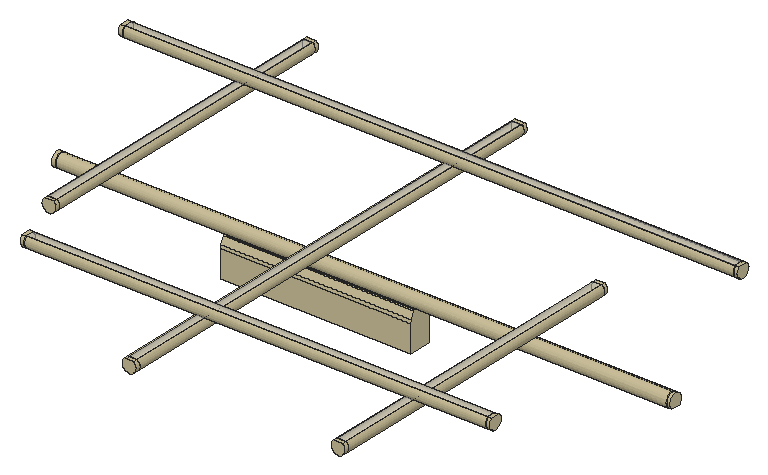
Revit family "PANZERI_HILOW_CEILING_LIGHT", category Lighting Fixtures, host Face, Revit 2018
Family settings
  Host = Face
  Round Connector Dimension = Use Diameter
  Part Type = Normal
  OmniClass Number = 23.80.70.00
  OmniClass Title = Lighting
  Cut with Voids When Loaded = No
  Light Source = Yes
  Shared = No
  Room Calculation Point = Yes
Parameters (values of type "Single_OpalScreen_MatBrass")
  Wattage = 30.9811 W
  WIDTH = 1130 mm  # constant formula
  WEIGHT = if(SINGLE INSTALLATION, 2.97 kg, 2.15 kg)  # 2.97 kg
  WATTAGE = if(SINGLE INSTALLATION, 78 W, 72 W)  # 78 W
  built-in parameter 1150110 = 1 (stored number, unit not read)
  VOLTAGE = 0 V
  USAGE = "INDOOR - CEILING"  # constant formula
  URL = "https://panzeri.it/en/"
  Type Comments = if(SINGLE INSTALLATION, "Direct and indirect light emission. For single installations.", "Direct and indirect light emission. For compositions")  # "Direct and indirect light emission. For single installations."
  built-in parameter 1114217 = 1 (stored number, unit not read)
  Tilt Angle = -90.00°  # constant formula
  built-in parameter 1150109 = 1 (stored number, unit not read)
  built-in parameter 1150134 = (empty or 0)
  TECHNICAL SHEET = "https://panzeri.it/en/products/product-family/design/indoor/hilow/147/"
  built-in parameter 1150113 = 1 (stored number, unit not read)
  STRUCTURE MATERIAL = PANZERI_ALUMINIUM_POLYACRYLIC_PAINT_MAT_BRASS_19
  SINGLE INSTALLATION = not(COMPOSITIONS)  # yes
  Photometric Web File = "Hilow opal ceiling P028__.115.0502 - 8613.IES"
  built-in parameter 1150105 = 366.22 (stored number, unit not read)
  Lumens = 4602 lm
  built-in parameter 1150115 = 1 (stored number, unit not read)
  Light Source Symbol Size = 300 mm
  built-in parameter 1150137 = (empty or 0)
  built-in parameter 1150139 = (empty or 0)
  built-in parameter 1150112 = 1 (stored number, unit not read)
  built-in parameter 1150114 = 1 (stored number, unit not read)
  LIGHTING SPECIFICATION = "LED 78W | 2700K | Ra>90 | 4602lm | 220-240V AC | dimmable (DALI |Push DIM)"
  built-in parameter 1150132 = 2
  built-in parameter 1150102 = (empty or 0)
  built-in parameter 1150107 = 2700 (stored number, unit not read)
  built-in parameter 1150138 = (empty or 0)
  built-in parameter 1150106 = 3.6622 (stored number, unit not read)
  IP RATING = "IP20"  # constant formula
  IK RATING = ""
  HEIGHT = 130 mm  # constant formula
  FREQUENCY RANGE = if(SINGLE INSTALLATION, "50/60Hz", "")  # "50/60Hz"
  FREQUENCY = 0 Hz
  built-in parameter 1150104 = 13.8 (stored number, unit not read)
  Dimming Lamp Color Temperature Shift = <None>
  DEPTH = 820 mm  # constant formula
  PRODUCT SHEET = "https://www.archiproducts.com/en/products/panzeri/led-aluminium-ceiling-lamp-hilow-ceiling-lamp_578562"
  PRODUCT CODE = "P02819.115.0502"
  POWER SUPPLY = if(SINGLE INSTALLATION, "220-240V AC", "24V DC")  # "220-240V AC"
  PACKAGING = "87,0 x 118,0 x 14,0 cm"  # constant formula
  Model = "HILOW CEILING"  # constant formula
  Manufacturer = "PANZERI"  # constant formula
  MATERIAL DESCRIPTION = "Pickled sheet metal ceiling bracket in polyacrylic paint. Pickled sheet metal wall plate in polyacrylic paint. Extruded aluminium structure in  polyacrylic paint.\r\nJoints in turned brass and die-cast aluminium in polyacrylic paint. Die-cast aluminium end caps in polyacrylic paint. Extruded polycarbonate diffusers with opaline or black finish."  # constant formula
  Lamp = "LED"  # constant formula
  LAMP MATERIAL = PANZERI_POLYCARBONATE_OPALINE_SCREEN_Light_on
  INSTALLATION INSTRUCTIONS = "https://panzeri.it/en/products/product-family/design/indoor/hilow/147/"
  Color Filter = 16777215
  COMPOSITIONS = no
  CANOPY_LENGHT = if(SINGLE INSTALLATION, 320 mm, 100 mm)  # 320 mm
  CANOPY MATERIAL = PANZERI_ALUMINIUM_POLYACRYLIC_PAINT_MAT_BRASS_19
  ENERGY EFFICIENCY CLASS = "N/D"  # constant formula
  Description = "Ceiling lighting fixture for interiors, with direct and indirect light emission.‎"  # constant formula
  Default Elevation = 1219.2 mm
  DESIGNER = "Matteo Thun"  # constant formula
  COLOR RENDERING INDEX = "Ra>90"  # constant formula
  COLLECTION = "HILOW"  # constant formula
  built-in parameter 1114218 = 1 (stored number, unit not read)
  BIM USER MANUAL = "https://bimcad.edilportale.com/PANZERI-BIM-USER-MANUAL-PANZERI-bim.pdf"
  BIM BADGE = "https://bim.archiproducts.com/en/badge/bim-archiproducts-featured_658700/about"
  BIM AUTHOR = "https://bim.archiproducts.com"
  built-in parameter 1150133 = 10 (stored number, unit not read)
  Apparent Load = 0 VA
  AVAILABLE FINISHES = "Structure: white, mat black, bronze, mat brass or titanium; Diffusers: Opaline or black screen. CUSTOM finishes available only on request."  # constant formula
  ACCESSORIES = if(SINGLE INSTALLATION, "DRIVER: integrated included", "DRIVER: remote not included")  # "DRIVER: integrated included"
Types (4, lengths in mm): name | Wattage | WEIGHT | WATTAGE | Type Comments | SINGLE INSTALLATION | Photometric Web File | built-in parameter 1150105 | Lumens | LIGHTING SPECIFICATION | built-in parameter 1150106 | FREQUENCY RANGE | PRODUCT CODE | POWER SUPPLY | LAMP MATERIAL | COMPOSITIONS | CANOPY_LENGHT | ACCESSORIES
  Single_OpalScreen_MatBrass | 30.9811 W | 2.97 kg | 78 W | "Direct and indirect light emission. For single installations." | yes | "Hilow opal ceiling P028__.115.0502 - 8613.IES" | 366.22 (stored number, unit not read) | 4602 lm | "LED 78W | 2700K | Ra>90 | 4602lm | 220-240V AC | dimmable (DALI |Push DIM)" | 3.6622 (stored number, unit not read) | "50/60Hz" | "P02819.115.0502" | "220-240V AC" | PANZERI_POLYCARBONATE_OPALINE_SCREEN_Light_on | no | 320 | "DRIVER: integrated included"
  Single_BlackScreen_MatBrass | 15.8608 W | 2.97 kg | 78 W | "Direct and indirect light emission. For single installations." | yes | "Hilow black ceiling P029__.115.0502 - 8316.IES" | 187.48 (stored number, unit not read) | 2356 lm | "LED 78W | 2700K | Ra>90 | 2356lm | 220-240V AC | dimmable (DALI |Push DIM)" | 1.8748 (stored number, unit not read) | "50/60Hz" | "P02919.115.0502" | "220-240V AC" | PANZERI_POLYCARBONATE_BLACK_SCREEN_Light_on | no | 320 | "DRIVER: integrated included"
  Compositions_OpalScreen_MatBrass | 32.9671 W | 2.15 kg | 72 W | "Direct and indirect light emission. For compositions" | no | "Hilow opal ceiling P028__.115.0510 - 8820.IES" | 389.69 (stored number, unit not read) | 4897 lm | "LED 72W | 2700K |  Ra>90 | 4897lm | 24V DC" | 3.8969 (stored number, unit not read) | "" | "P02819.115.0510" | "24V DC" | PANZERI_POLYCARBONATE_OPALINE_SCREEN_Light_on | yes | 100 | "DRIVER: remote not included"
  Compositions_BlackScreen_MatBrass | 17.8468 W | 2.15 kg | 72 W | "Direct and indirect light emission. For compositions" | no | "Hilow black ceiling P029__.115.0510 - 8820.IES" | 210.96 (stored number, unit not read) | 2651 lm | "LED 72W | 2700K | Ra>90 | 2651lm | 24V DC" | 2.1096 (stored number, unit not read) | "" | "P02919.115.0510" | "24V DC" | PANZERI_POLYCARBONATE_BLACK_SCREEN_Light_on | yes | 100 | "DRIVER: remote not included"
Reference planes
  plane 1 "Center (Front/Back)": y = 0
  plane 2: z = 0
  plane 3 "Center (Left/Right)": x = 0
  plane 4 "LIGHT SOURCE PLAN": z = 128.49
  plane 5: y = 410
  plane 6: y = -410
  plane 7: x = -543.5
  plane 8: x = 586.5
Forms (mm)
  Extrusion 1, solid, material "PANZERI_ALUMINIUM_POLYACRYLIC_PAINT_MAT_BRASS_19" <- "CANOPY MATERIAL", detail levels fine
    sketch origin (0, 0, 0) x (0, 1, 0) y (0, 0, 1)
      loop
        line (18.476, 0) -> (18.476, 44.798)
        arc (18.476, 44.798) -> (18.149, 47.804) -> (17.184, 50.67) r 14
        line (17.184, 50.67) -> (12.069, 61.741)
        arc (12.069, 61.741) -> (11.516, 62.375) -> (10.708, 62.611) r 1.5
        line (10.708, 62.611) -> (-10.768, 62.611)
        arc (-10.768, 62.611) -> (-11.581, 62.373) -> (-12.139, 61.735) r 1.51
        line (-12.139, 61.735) -> (-17.253, 50.666)
        arc (-17.253, 50.666) -> (-18.216, 47.804) -> (-18.542, 44.803) r 13.977
        line (-18.542, 44.803) -> (-18.542, 0) -> (18.476, 0)
    from -160 to 160
Lines and regions (mm)
  symbolic lines, detail levels coarse
    curve 1: line (0, 18.476, 0) -> (0, -18.542, 0)
    curve 2: line (0, 18.476, 62.611) -> (0, 18.476, 0)
    curve 3: line (0, -18.542, 62.611) -> (0, 18.476, 62.611)
    curve 4: line (0, -18.542, 0) -> (0, -18.542, 62.611)
    curve 5: line (-50, 0, 0) -> (50, 0, 0)
    curve 6: line (-50, 0, 62.611) -> (-50, 0, 0)
    curve 7: line (50, 0, 62.611) -> (-50, 0, 62.611)
    curve 8: line (50, 0, 0) -> (50, 0, 62.611)
Dimensions and locks
  "DEPTH": plane 5 to plane 6
  "WIDTH": plane 7 to plane 8
  locked: plane 4 "LIGHT SOURCE PLAN" to plane 2 at 128.49
  equal spacing: Extrusion 1, plane 3 "Center (Left/Right)", Extrusion 1
  "CANOPY_LENGHT": Extrusion 1 to Extrusion 1
  aligned and locked: plane 2 to host face
  aligned and locked: level to host face
  aligned and locked: plane 4 "LIGHT SOURCE PLAN" to imposter light
Automatic sketch dimensions
  host sketch curve to host sketch curve = 2438.4 mm  (x2)
  Extrusion 1 sketch curve to level = 0 mm
  plane 1 "Center (Front/Back)" to Extrusion 1 sketch curve = 18.542 mm
  Extrusion 1 sketch curve to Extrusion 1 sketch curve = 1.289 mm
  plane 1 "Center (Front/Back)" to Extrusion 1 sketch curve = 12.139 mm
  Extrusion 1 sketch curve to Extrusion 1 sketch curve = 1.371 mm
  plane 1 "Center (Front/Back)" to Extrusion 1 sketch curve = 4.565 mm
  Extrusion 1 sketch curve to plane 1 "Center (Front/Back)" = 4.476 mm
  Extrusion 1 sketch curve to plane 1 "Center (Front/Back)" = 10.708 mm
  Extrusion 1 sketch curve to Extrusion 1 sketch curve = 5.115 mm
  Extrusion 1 sketch curve to Extrusion 1 sketch curve = 1.291 mm
  Extrusion 1 sketch curve to Extrusion 1 sketch curve = 0.005 mm
  Extrusion 1 sketch curve to Extrusion 1 sketch curve = 1.362 mm
  Extrusion 1 sketch curve to Extrusion 1 sketch curve = 16.313 mm
  Extrusion 1 sketch curve to Extrusion 1 sketch curve = 1.51 mm
  level to Extrusion 1 sketch curve = 44.798 mm
  Extrusion 1 sketch curve to Extrusion 1 sketch curve = 10.435 mm
  curve 1 to level = 0 mm
  plane 1 "Center (Front/Back)" to curve 1 = 18.542 mm
  curve 3 to plane 1 "Center (Front/Back)" = 18.476 mm
  curve 1 to curve 3 = 62.611 mm
  curve 6 to level = 0 mm
  curve 7 to plane 3 "Center (Left/Right)" = 50 mm
  plane 3 "Center (Left/Right)" to curve 7 = 50 mm
  curve 5 to curve 7 = 62.611 mm
Nested families
  nested 1: "Lighting symbol" at (0, 0, 0) x (0.7071, -0.7071, 0) z (0, 0, 1), Light Source Symbol Size <- "Light Source Symbol Size", type "Lighting symbol", detail levels coarse
    with Light Source Symbol Size 300 mm
  nested 2: "1_body_PANZERI_HILOW_CEILING_LIGHT" at (22.5, 0.033, 62.611), LAMP MATERIAL <- "LAMP MATERIAL", STRUCTURE MATERIAL <- "STRUCTURE MATERIAL", type "1_body_PANZERI_HILOW_CEILING_LIGHT"
    with STRUCTURE MATERIAL PANZERI_ALUMINIUM_POLYACRYLIC_PAINT_MAT_BRASS_19, LAMP MATERIAL PANZERI_POLYCARBONATE_OPALINE_SCREEN_Light_on
Connectors
  electrical at (0, -0.033, 0), driven by "VOLTAGE", driven by "Apparent Load"
    settings: on Extrusion 1, index 1, voltage 0 V, apparent load 0 VA, apparent load phase1 0 VA, apparent load phase2 0 VA, apparent load phase3 0 VA, power factor 1, load classification "Lighting", number of poles 1, system type 30, power factor state 1, is connector primary yes, connector utility no, sub classification motor no, connector description ""
Definition of nested family "1_body_PANZERI_HILOW_CEILING_LIGHT"
  Parameters (values of type "1_body_PANZERI_HILOW_CEILING_LIGHT")
    STRUCTURE MATERIAL [instance] = none
    LAMP MATERIAL [instance] = none
    Default Elevation = 1219.2 mm
  Reference planes
    plane 1 "Light Source Axis (F/B)": y = 0
    plane 2: z = 0
    plane 3 "Light Source Axis (L/R)": x = 0
    plane 4 "Light Source Elevation": z = 0
  Forms (mm)
    Extrusion 1, solid, material <- "STRUCTURE MATERIAL", detail levels fine
      sketch origin (47.5, -0.115, 500.134) x (0, 1, 0) y (0, 0, 1)
        loop
          arc (251.707, -434.256) -> (259.46, -454.398) -> (267.214, -434.256) r 11.564
          line (267.214, -434.256) -> (266.543, -434.926)
          arc (266.543, -434.926) -> (259.46, -453.451) -> (252.377, -434.926) r 10.616
          line (252.377, -434.926) -> (251.707, -434.256)
      from -607 to 417
    Extrusion 2, solid, material <- "STRUCTURE MATERIAL", detail levels fine
      sketch origin (47.5, -0.115, 500.134) x (0, 1, 0) y (0, 0, 1)
        loop
          arc (251.707, -434.256) -> (259.46, -454.398) -> (267.214, -434.256) r 11.564
          line (267.214, -434.256) -> (251.707, -434.256)
      from 417 to 423.5
    Extrusion 3, solid, material <- "STRUCTURE MATERIAL", detail levels fine
      sketch origin (-103.5, -0.115, 500.134) x (0, 1, 0) y (0, 0, 1)
        loop
          arc (251.707, -434.256) -> (259.46, -454.398) -> (267.214, -434.256) r 11.564
          line (267.214, -434.256) -> (251.707, -434.256)
      from -462.5 to -456
    Extrusion 4, solid, material <- "LAMP MATERIAL", detail levels fine
      sketch origin (0, 259.379, 45.735) x (0, 1, 0) y (0, 0, 1)
        loop
          line (7.72, 20.143) -> (-7.787, 20.143) -> (-7.116, 19.472) -> (7.049, 19.472) -> (7.72, 20.143)
      from -559.5 to 464.5
    Extrusion 5, solid, material <- "STRUCTURE MATERIAL", detail levels fine
      sketch origin (47.5, 0.115, 500.134) x (0, -1, 0) y (0, 0, -1)
        loop
          line (251.707, 434.256) -> (252.377, 434.926)
          arc (252.377, 434.926) -> (259.46, 453.451) -> (266.543, 434.926) r 10.616
          line (266.543, 434.926) -> (267.214, 434.256)
          arc (267.214, 434.256) -> (259.46, 454.398) -> (251.707, 434.256) r 11.564
      from -357 to 417
    Extrusion 6, solid, material <- "STRUCTURE MATERIAL", detail levels fine
      sketch origin (47.5, 0.115, 500.134) x (0, -1, 0) y (0, 0, -1)
        loop
          line (251.707, 434.256) -> (267.214, 434.256)
          arc (267.214, 434.256) -> (259.46, 454.398) -> (251.707, 434.256) r 11.564
      from 417 to 423.5
    Extrusion 7, solid, material <- "STRUCTURE MATERIAL", detail levels fine
      sketch origin (-103.5, 0.115, 500.134) x (0, -1, 0) y (0, 0, -1)
        loop
          line (251.707, 434.256) -> (267.214, 434.256)
          arc (267.214, 434.256) -> (259.46, 454.398) -> (251.707, 434.256) r 11.564
      from -212.5 to -206
    Extrusion 8, solid, material <- "LAMP MATERIAL", detail levels fine
      sketch origin (0, -259.379, 45.735) x (0, -1, 0) y (0, 0, -1)
        loop
          line (7.72, -20.143) -> (7.049, -19.472) -> (-7.116, -19.472) -> (-7.787, -20.143) -> (7.72, -20.143)
      from -309.5 to 464.5
    Extrusion 9, solid, material <- "STRUCTURE MATERIAL", detail levels fine
      sketch origin (47.5, -259.46, -434.256) x (0, 1, 0) y (0, 0, 1)
        loop
          line (251.707, 434.256) -> (252.377, 434.926)
          arc (252.377, 434.926) -> (259.46, 453.451) -> (266.543, 434.926) r 10.616
          line (266.543, 434.926) -> (267.214, 434.256)
          arc (267.214, 434.256) -> (259.46, 454.398) -> (251.707, 434.256) r 11.564
      from -512 to 512
    Extrusion 10, solid, material <- "STRUCTURE MATERIAL", detail levels fine
      sketch origin (47.5, -259.46, -434.256) x (0, 1, 0) y (0, 0, 1)
        loop
          line (251.707, 434.256) -> (267.214, 434.256)
          arc (267.214, 434.256) -> (259.46, 454.398) -> (251.707, 434.256) r 11.564
      from 512 to 518.5
    Extrusion 11, solid, material <- "STRUCTURE MATERIAL", detail levels fine
      sketch origin (-103.5, -259.46, -434.256) x (0, 1, 0) y (0, 0, 1)
        loop
          line (251.707, 434.256) -> (267.214, 434.256)
          arc (267.214, 434.256) -> (259.46, 454.398) -> (251.707, 434.256) r 11.564
      from -367.5 to -361
    Extrusion 12, solid, material <- "LAMP MATERIAL", detail levels fine
      sketch origin (0, 0.033, 20.143) x (0, 1, 0) y (0, 0, 1)
        loop
          line (7.72, -20.143) -> (7.049, -19.472) -> (-7.116, -19.472) -> (-7.787, -20.143) -> (7.72, -20.143)
      from -464.5 to 559.5
    Extrusion 13, solid, material <- "STRUCTURE MATERIAL", detail levels fine
      sketch origin (0, 0, 0) x (1, 0, 0) y (0, 0, 1)
        loop
          arc (-380.232, 43.044) -> (-372.478, 22.901) -> (-364.725, 43.044) r 11.564
          line (-364.725, 43.044) -> (-365.396, 42.373)
          arc (-365.396, 42.373) -> (-372.478, 23.848) -> (-379.561, 42.373) r 10.616
          line (-379.561, 42.373) -> (-380.232, 43.044)
      from -402.467 to 133.533
    Extrusion 14, solid, material <- "LAMP MATERIAL", detail levels fine
      sketch origin (0, 0, 0) x (1, 0, 0) y (0, 0, 1)
        loop
          line (-379.561, 42.373) -> (-365.396, 42.373) -> (-364.725, 43.044) -> (-380.232, 43.044) -> (-379.561, 42.373)
      from -402.467 to 133.533
    Extrusion 15, solid, material <- "STRUCTURE MATERIAL", detail levels fine
      sketch origin (0, 0, 0) x (1, 0, 0) y (0, 0, 1)
        loop
          arc (-380.232, 43.044) -> (-372.478, 22.901) -> (-364.725, 43.044) r 11.564
          line (-364.725, 43.044) -> (-380.232, 43.044)
      from 133.533 to 140.033
    Extrusion 16, solid, material <- "STRUCTURE MATERIAL", detail levels fine
      sketch origin (0, 50.033, 0) x (1, 0, 0) y (0, 0, 1)
        loop
          arc (-380.232, 43.044) -> (-372.478, 22.901) -> (-364.725, 43.044) r 11.564
          line (-364.725, 43.044) -> (-380.232, 43.044)
      from -358.933 to -352.433
    Extrusion 17, solid, material <- "STRUCTURE MATERIAL", detail levels fine
      sketch origin (350, 0, 0) x (1, 0, 0) y (0, 0, 1)
        loop
          arc (-380.232, 43.044) -> (-372.478, 22.901) -> (-364.725, 43.044) r 11.564
          line (-364.725, 43.044) -> (-365.396, 42.373)
          arc (-365.396, 42.373) -> (-372.478, 23.848) -> (-379.561, 42.373) r 10.616
          line (-379.561, 42.373) -> (-380.232, 43.044)
      from -402.467 to 402.533
    Extrusion 18, solid, material <- "LAMP MATERIAL", detail levels fine
      sketch origin (350, 0, 0) x (1, 0, 0) y (0, 0, 1)
        loop
          line (-379.561, 42.373) -> (-365.396, 42.373) -> (-364.725, 43.044) -> (-380.232, 43.044) -> (-379.561, 42.373)
      from -402.467 to 402.533
    Extrusion 19, solid, material <- "STRUCTURE MATERIAL", detail levels fine
      sketch origin (350, 0, 0) x (1, 0, 0) y (0, 0, 1)
        loop
          arc (-380.232, 43.044) -> (-372.478, 22.901) -> (-364.725, 43.044) r 11.564
          line (-364.725, 43.044) -> (-380.232, 43.044)
      from 402.533 to 409.033
    Extrusion 20, solid, material <- "STRUCTURE MATERIAL", detail levels fine
      sketch origin (350, 50.033, 0) x (1, 0, 0) y (0, 0, 1)
        loop
          arc (-380.232, 43.044) -> (-372.478, 22.901) -> (-364.725, 43.044) r 11.564
          line (-364.725, 43.044) -> (-380.232, 43.044)
      from -358.933 to -352.433
    Extrusion 21, solid, material <- "STRUCTURE MATERIAL", detail levels fine
      sketch origin (700, 0, 0) x (1, 0, 0) y (0, 0, 1)
        loop
          arc (-380.232, 43.044) -> (-372.478, 22.901) -> (-364.725, 43.044) r 11.564
          line (-364.725, 43.044) -> (-365.396, 42.373)
          arc (-365.396, 42.373) -> (-372.478, 23.848) -> (-379.561, 42.373) r 10.616
          line (-379.561, 42.373) -> (-380.232, 43.044)
      from -133.467 to 402.533
    Extrusion 22, solid, material <- "LAMP MATERIAL", detail levels fine
      sketch origin (700, 0, 0) x (1, 0, 0) y (0, 0, 1)
        loop
          line (-379.561, 42.373) -> (-365.396, 42.373) -> (-364.725, 43.044) -> (-380.232, 43.044) -> (-379.561, 42.373)
      from -133.467 to 402.533
    Extrusion 23, solid, material <- "STRUCTURE MATERIAL", detail levels fine
      sketch origin (700, 0, 0) x (1, 0, 0) y (0, 0, 1)
        loop
          arc (-380.232, 43.044) -> (-372.478, 22.901) -> (-364.725, 43.044) r 11.564
          line (-364.725, 43.044) -> (-380.232, 43.044)
      from 402.533 to 409.033
    Extrusion 24, solid, material <- "STRUCTURE MATERIAL", detail levels fine
      sketch origin (700, 50.033, 0) x (1, 0, 0) y (0, 0, 1)
        loop
          arc (-380.232, 43.044) -> (-372.478, 22.901) -> (-364.725, 43.044) r 11.564
          line (-364.725, 43.044) -> (-380.232, 43.044)
      from -89.933 to -83.433
    Extrusion 25, solid, detail levels medium
      sketch origin (0, 0, 0) x (1, 0, 0) y (0, 1, 0)
        loop
          line (-384.097, 408.967) -> (-384.097, 270.935) -> (-566, 270.935) -> (-566, -48.436) -> (-384.042, -48.436) -> (-384.042, -270.944) -> (-34.042, -270.944) -> (-34.042, -409.033) -> (339.069, -409.033) -> (339.069, -270.778) -> (566, -270.778) -> (566, 11.555) -> (471, 11.555) -> (471, 288.967) -> (-10.915, 288.967) -> (-10.915, 408.967) -> (-384.097, 408.967)
      from 0 to 65.878
  Lines and regions (mm)
    symbolic lines, detail levels coarse
      curve 1: line (-566, 0, 65.878) -> (566, 0, 65.878)
      curve 2: line (-566, 0, 0) -> (-566, 0, 65.878)
      curve 3: line (566, 0, 0) -> (-566, 0, 0)
      curve 4: line (566, 0, 65.878) -> (566, 0, 0)
      curve 5: line (0, 408.967, 65.878) -> (0, -409.033, 65.878)
      curve 6: line (0, 408.967, 0) -> (0, 408.967, 65.878)
      curve 7: line (0, -409.033, 0) -> (0, 408.967, 0)
      curve 8: line (0, -409.033, 65.878) -> (0, -409.033, 0)
  Dimensions and locks
    aligned and locked: level to plane 2
Definition of nested family "Lighting symbol"
  Parameters (values of type "Lighting symbol")
    Light Source Symbol Size [instance] = 350 mm
  Reference planes
    plane 1 "Center (Front/Back)": y = 0
    plane 2: z = 0
    plane 3 "Center (Left/Right)": x = 0
  Lines and regions (mm)
    detail lines, in view "Ref. Level", detail levels coarse
      curve 1: circle (0, 0, 0) r 175 normal (0, 0, 1)
      curve 2: line (175, 0, 0) -> (-175, 0, 0)
      curve 3: line (0, 175, 0) -> (0, -175, 0)
  Dimensions and locks
    "Light Source Symbol Size": diameter of curve 1
    aligned and locked: curve 3 to plane 3 "Center (Left/Right)"
    aligned and locked: curve 2 to plane 1 "Center (Front/Back)"
  Automatic sketch dimensions
    plane 1 "Center (Front/Back)" to curve 1 = 0 mm
    curve 1 to plane 3 "Center (Left/Right)" = 0 mm
